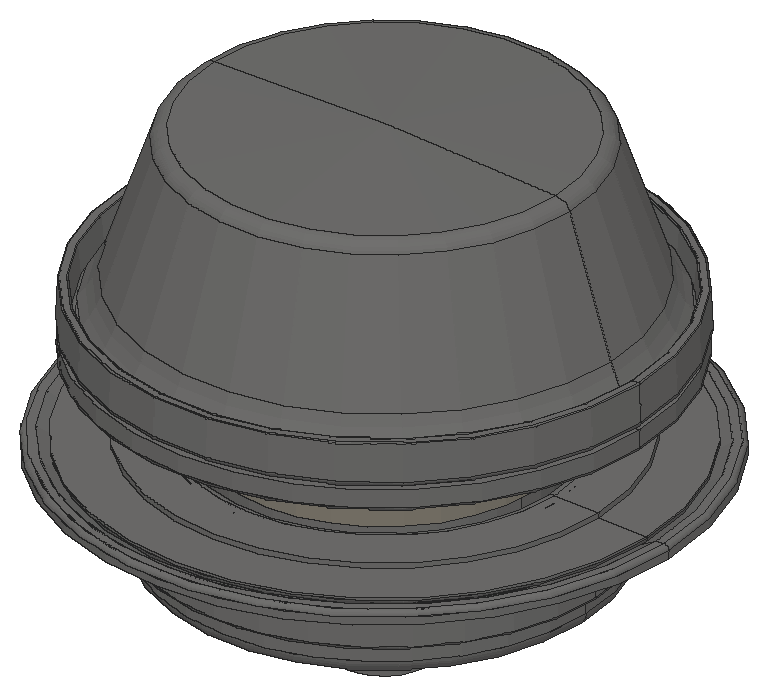
Revit family "Roof_Drain-Josam-21500-AE", category Plumbing Fixtures, Revit 2012 (continued)
Definition of nested family "21500-AE"
  Definition of nested family "Strainer"
    Lines and regions (in)
      model lines, detail levels medium+fine
        curve 187: line (3.70356, -3.42829, 9.69396) -> (4.45269, -4.11227, 6.72312)
        curve 188: arc (4.45269, -4.11227, 6.72312) -> (4.57365, -4.22664, 6.35879) -> (4.74153, -4.39152, 6.03464) r 2.01089
        curve 189: spline (4.73819, -4.38852, 6.04915) -> (4.70724, -4.35781, 6.09974) -> (4.67745, -4.32836, 6.15175) -> (4.64885, -4.30021, 6.20512) -> (4.62147, -4.27337, 6.2598) -> (4.59534, -4.24789, 6.31572) -> (4.57049, -4.22379, 6.37282) -> (4.54694, -4.2011, 6.43104) -> (4.52473, -4.17984, 6.49031) -> (4.50387, -4.16004, 6.55057) -> (4.4844, -4.14171, 6.61175) -> (4.46633, -4.12488, 6.67379) -> (4.44967, -4.10957, 6.73661)
        curve 190: arc (4.74153, -4.39152, 6.03464) -> (4.52243, -4.6052, 6.03663) -> (4.29573, -4.81079, 6.0348) r 7.98078
        curve 191: arc (4.29573, -4.81079, 6.0348) -> (4.14184, -4.63291, 6.35888) -> (4.0354, -4.50498, 6.7231) r 2.01105
        curve 192: arc (3.40025, -3.71381, 9.69414) -> (3.55454, -3.57385, 9.69537) -> (3.70356, -3.42829, 9.69396) r 5.33322
        curve 193: line (5.02896, -3.35989, 6.7231) -> (4.21701, -2.75152, 9.69414)
        curve 194: spline (5.35277, -3.5881, 6.04912) -> (5.35457, -3.58928, 6.04851) -> (5.35611, -3.5903, 6.04779) -> (5.35738, -3.59114, 6.04697) -> (5.3584, -3.59183, 6.04604) -> (5.35916, -3.59235, 6.04501) -> (5.35965, -3.5927, 6.04387) -> (5.35989, -3.59289, 6.04262) -> (5.35987, -3.59291, 6.04127) -> (5.35958, -3.59277, 6.03981) -> (5.35904, -3.59246, 6.03825) -> (5.35823, -3.59199, 6.03657) -> (5.35717, -3.59135, 6.0348)
        curve 195: line (4.43978, -2.39954, 9.69396) -> (5.33548, -2.87574, 6.72312)
        curve 196: arc (5.33548, -2.87574, 6.72312) -> (5.48109, -2.95643, 6.35879) -> (5.68469, -3.07438, 6.03464) r 2.01089
        curve 197: spline (5.68071, -3.0723, 6.04915) -> (5.6431, -3.05026, 6.09974) -> (5.60692, -3.02914, 6.15175) -> (5.57222, -3.00899, 6.20512) -> (5.53902, -2.98981, 6.2598) -> (5.50737, -2.97162, 6.31572) -> (5.47731, -2.95446, 6.37282) -> (5.44886, -2.93834, 6.43104) -> (5.42206, -2.92327, 6.49031) -> (5.39693, -2.90927, 6.55057) -> (5.37351, -2.89637, 6.61175) -> (5.35182, -2.88456, 6.67379) -> (5.33189, -2.87387, 6.73661)
        curve 198: arc (5.68469, -3.07438, 6.03464) -> (5.52562, -3.33584, 6.03663) -> (5.35717, -3.59135, 6.0348) r 7.98078
        curve 199: arc (5.35717, -3.59135, 6.0348) -> (5.16388, -3.45732, 6.35888) -> (5.02896, -3.35989, 6.7231) r 2.01105
        curve 200: arc (4.21701, -2.75152, 9.69414) -> (4.33165, -2.57759, 9.69537) -> (4.43978, -2.39954, 9.69396) r 5.33322
        curve 201: arc (-0.30341, 3.46699, 10.18451) -> (-0.39098, 3.89033, 10.16992) -> (-0.47854, 4.31361, 10.15362) r 109.07108
        curve 202: arc (-0.47854, 4.31361, 10.15362) -> (0.0212, 4.33005, 10.15412) -> (0.52092, 4.34649, 10.15233) r 109.18635
        curve 203: arc (0.52092, 4.34649, 10.15233) -> (0.48299, 3.90669, 10.16915) -> (0.44505, 3.46682, 10.18419) r 109.06963
        curve 204: arc (0.44505, 3.46682, 10.18419) -> (0.07084, 3.46682, 10.18499) -> (-0.30337, 3.46682, 10.18452) r 109.26774
        curve 205: arc (1.13867, 3.29928, 10.18451) -> (1.23086, 3.72164, 10.16992) -> (1.32304, 4.14393, 10.15362) r 109.07108
        curve 206: arc (1.32304, 4.14393, 10.15362) -> (1.78625, 3.95569, 10.15412) -> (2.24946, 3.76746, 10.15233) r 109.18635
        curve 207: arc (2.24946, 3.76746, 10.15233) -> (2.03593, 3.38111, 10.16915) -> (1.82236, 2.9947, 10.18419) r 109.06963
        curve 208: arc (1.82236, 2.9947, 10.18419) -> (1.4805, 3.1469, 10.18499) -> (1.13864, 3.29911, 10.18452) r 109.26774
        curve 209: arc (-1.68903, 3.03366, 10.18451) -> (-1.94122, 3.38478, 10.16992) -> (-2.19337, 3.73585, 10.15362) r 109.07108
        curve 210: arc (-2.19337, 3.73585, 10.15362) -> (-1.74353, 3.95413, 10.15412) -> (-1.29369, 4.17241, 10.15233) r 109.18635
        curve 211: arc (-1.29369, 4.17241, 10.15233) -> (-1.14946, 3.7552, 10.16915) -> (-1.00521, 3.33793, 10.18419) r 109.06963
        curve 212: arc (-1.00521, 3.33793, 10.18419) -> (-1.34707, 3.18573, 10.18499) -> (-1.68893, 3.03352, 10.18452) r 109.26774
        curve 213: arc (-2.77861, 2.07421, 10.18451) -> (-3.1518, 2.2924, 10.16992) -> (-3.52495, 2.51056, 10.15362) r 109.07108
        curve 214: arc (-3.52495, 2.51056, 10.15362) -> (-3.20278, 2.89293, 10.15412) -> (-2.88062, 3.2753, 10.15233) r 109.18635
        curve 215: arc (-2.88062, 3.2753, 10.15233) -> (-2.57916, 2.95283, 10.16915) -> (-2.27766, 2.63031, 10.18419) r 109.06963
        curve 216: arc (-2.27766, 2.63031, 10.18419) -> (-2.52806, 2.35221, 10.18499) -> (-2.77846, 2.07412, 10.18452) r 109.26774
        curve 217: arc (-3.38374, 0.75453, 10.18451) -> (-3.81342, 0.80207, 10.16992) -> (-4.24304, 0.84959, 10.15362) r 109.07108
        curve 218: arc (-4.24304, 0.84959, 10.15362) -> (-4.10425, 1.32995, 10.15412) -> (-3.96546, 1.8103, 10.15233) r 109.18635
        curve 219: arc (-3.96546, 1.8103, 10.15233) -> (-3.5589, 1.63832, 10.16915) -> (-3.15229, 1.46631, 10.18419) r 109.06963
        curve 220: arc (-3.15229, 1.46631, 10.18419) -> (-3.26793, 1.11041, 10.18499) -> (-3.38357, 0.75451, 10.18452) r 109.26774
        curve 221: arc (-3.39979, -0.69718, 10.18451) -> (-3.81166, -0.82852, 10.16992) -> (-4.22347, -0.95984, 10.15362) r 109.07108
        curve 222: arc (-4.22347, -0.95984, 10.15362) -> (-4.29205, -0.46457, 10.15412) -> (-4.36064, 0.0307, 10.15233) r 109.18635
        curve 223: arc (-4.36064, 0.0307, 10.15233) -> (-3.91928, 0.03895, 10.16915) -> (-3.47786, 0.0472, 10.18419) r 109.06963
        curve 224: arc (-3.47786, 0.0472, 10.18419) -> (-3.43875, -0.32496, 10.18499) -> (-3.39963, -0.69713, 10.18452) r 109.26774
        curve 225: arc (-2.824, -2.02992, 10.18451) -> (-3.14683, -2.31742, 10.16992) -> (-3.46963, -2.60489, 10.15362) r 109.07108
        curve 226: arc (-3.46963, -2.60489, 10.15362) -> (-3.73373, -2.18033, 10.15412) -> (-3.99783, -1.75577, 10.15233) r 109.18635
        curve 227: arc (-3.99783, -1.75577, 10.15233) -> (-3.59799, -1.56872, 10.16915) -> (-3.19808, -1.38164, 10.18419) r 109.06963
        curve 228: arc (-3.19808, -1.38164, 10.18419) -> (-3.01098, -1.70572, 10.18499) -> (-2.82387, -2.0298, 10.18452) r 109.26774
        curve 229: arc (-1.75591, -3.01323, 10.18451) -> (-1.9339, -3.40719, 10.16992) -> (-2.11186, -3.8011, 10.15362) r 109.07108
        curve 230: arc (-2.11186, -3.8011, 10.15362) -> (-2.52581, -3.52066, 10.15412) -> (-2.93976, -3.24023, 10.15233) r 109.18635
        curve 231: arc (-2.93976, -3.24023, 10.15233) -> (-2.65057, -2.90672, 10.16915) -> (-2.36133, -2.57316, 10.18419) r 109.06963
        curve 232: arc (-2.36133, -2.57316, 10.18419) -> (-2.05858, -2.79312, 10.18499) -> (-1.75584, -3.01308, 10.18452) r 109.26774
        curve 233: arc (-0.38021, -3.47711, 10.18451) -> (-0.38257, -3.9094, 10.16992) -> (-0.38493, -4.34163, 10.15362) r 109.07108
        curve 234: arc (-0.38493, -4.34163, 10.15362) -> (-0.87716, -4.25382, 10.15412) -> (-1.36939, -4.166, 10.15233) r 109.18635
        curve 235: arc (-1.36939, -4.166, 10.15233) -> (-1.24084, -3.74369, 10.16915) -> (-1.11228, -3.32133, 10.18419) r 109.06963
        curve 236: arc (-1.11228, -3.32133, 10.18419) -> (-0.74625, -3.39913, 10.18499) -> (-0.38021, -3.47693, 10.18452) r 109.26774
        curve 237: arc (1.06523, -3.34133, 10.18451) -> (1.2389, -3.73721, 10.16992) -> (1.41255, -4.13303, 10.15362) r 109.07108
        curve 238: arc (1.41255, -4.13303, 10.15362) -> (0.92716, -4.25302, 10.15412) -> (0.44177, -4.373, 10.15233) r 109.18635
        curve 239: arc (0.44177, -4.373, 10.15233) -> (0.38743, -3.93492, 10.16915) -> (0.33308, -3.49678, 10.18419) r 109.06963
        curve 240: arc (0.33308, -3.49678, 10.18419) -> (0.69912, -3.41898, 10.18499) -> (1.06516, -3.34117, 10.18452) r 109.26774
        curve 241: arc (2.33047, -2.62938, 10.18451) -> (2.65015, -2.92039, 10.16992) -> (2.96978, -3.21137, 10.15362) r 109.07108
        curve 242: arc (2.96978, -3.21137, 10.15362) -> (2.57516, -3.5184, 10.15412) -> (2.18053, -3.82544, 10.15233) r 109.18635
        curve 243: arc (2.18053, -3.82544, 10.15233) -> (1.95271, -3.44734, 10.16915) -> (1.72486, -3.06918, 10.18419) r 109.06963
        curve 244: arc (1.72486, -3.06918, 10.18419) -> (2.0276, -2.84922, 10.18499) -> (2.33035, -2.62926, 10.18452) r 109.26774
        curve 245: arc (3.19676, -1.46436, 10.18451) -> (3.60717, -1.60019, 10.16992) -> (4.01751, -1.736, 10.15362) r 109.07108
        curve 246: arc (4.01751, -1.736, 10.15362) -> (3.78189, -2.177, 10.15412) -> (3.54626, -2.618, 10.15233) r 109.18635
        curve 247: arc (3.54626, -2.618, 10.15233) -> (3.18435, -2.36525, 10.16915) -> (2.82238, -2.11246, 10.18419) r 109.06963
        curve 248: arc (2.82238, -2.11246, 10.18419) -> (3.00949, -1.78838, 10.18499) -> (3.1966, -1.4643, 10.18452) r 109.26774
        curve 249: arc (3.51429, -0.04771, 10.18451) -> (3.94446, -0.00487, 10.16992) -> (4.37458, 0.03797, 10.15362) r 109.07108
        curve 250: arc (4.37458, 0.03797, 10.15362) -> (4.33869, -0.46075, 10.15412) -> (4.30281, -0.95945, 10.15233) r 109.18635
        curve 251: arc (4.30281, -0.95945, 10.15233) -> (3.86938, -0.87576, 10.16915) -> (3.43589, -0.79205, 10.18419) r 109.06963
        curve 252: arc (3.43589, -0.79205, 10.18419) -> (3.475, -0.41989, 10.18499) -> (3.51412, -0.04772, 10.18452) r 109.26774
        curve 253: arc (3.22817, 1.37562, 10.18451) -> (3.60373, 1.58972, 10.16992) -> (3.97923, 1.8038, 10.15362) r 109.07108
        curve 254: arc (3.97923, 1.8038, 10.15362) -> (4.14929, 1.3336, 10.15412) -> (4.31936, 0.86342, 10.15233) r 109.18635
        curve 255: arc (4.31936, 0.86342, 10.15233) -> (3.88936, 0.76358, 10.16915) -> (3.4593, 0.66374, 10.18419) r 109.06963
        curve 256: arc (3.4593, 0.66374, 10.18419) -> (3.34366, 1.01964, 10.18499) -> (3.22802, 1.37554, 10.18452) r 109.26774
        curve 257: arc (2.38786, 2.55952, 10.18451) -> (2.64387, 2.90786, 10.16992) -> (2.89984, 3.25616, 10.15362) r 109.07108
        curve 258: arc (2.89984, 3.25616, 10.15362) -> (3.24644, 2.89579, 10.15412) -> (3.59305, 2.53542, 10.15233) r 109.18635
        curve 259: arc (3.59305, 2.53542, 10.15233) -> (3.24083, 2.26932, 10.16915) -> (2.88856, 2.00319, 10.18419) r 109.06963
        curve 260: arc (2.88856, 2.00319, 10.18419) -> (2.63816, 2.28128, 10.18499) -> (2.38776, 2.55938, 10.18452) r 109.26774
        curve 261: spline (-0.30337, 3.04067, 10.19985) -> (-0.29936, 2.98329, 10.20149) -> (-0.29534, 2.9259, 10.2031) -> (-0.29133, 2.86852, 10.20468) -> (-0.28732, 2.81113, 10.20623) -> (-0.28331, 2.75374, 10.20775) -> (-0.27929, 2.69636, 10.20923) -> (-0.27528, 2.63897, 10.21069) -> (-0.27127, 2.58158, 10.21211) -> (-0.26725, 2.52419, 10.21351) -> (-0.26324, 2.4668, 10.21487) -> (-0.25923, 2.40941, 10.2162) -> (-0.25521, 2.35201, 10.2175)
        curve 262: arc (-0.30337, 3.04073, 10.20114) -> (0.02277, 3.04073, 10.20163) -> (0.34891, 3.04073, 10.20115) r 109.31633
        curve 263: arc (0.34891, 3.04073, 10.20115) -> (0.31921, 2.6964, 10.21029) -> (0.28951, 2.35204, 10.21834) r 109.06985
        curve 264: arc (0.28951, 2.35204, 10.21834) -> (0.01715, 2.35204, 10.21867) -> (-0.25522, 2.35204, 10.21831) r 109.41764
        curve 265: spline (0.96531, 2.9098, 10.19985) -> (0.94563, 2.85575, 10.20149) -> (0.92596, 2.80169, 10.2031) -> (0.90628, 2.74763, 10.20468) -> (0.88661, 2.69358, 10.20623) -> (0.86693, 2.63952, 10.20775) -> (0.84726, 2.58546, 10.20923) -> (0.82758, 2.5314, 10.21069) -> (0.80791, 2.47734, 10.21211) -> (0.78823, 2.42328, 10.21351) -> (0.76855, 2.36922, 10.21487) -> (0.74888, 2.31516, 10.2162) -> (0.7292, 2.26109, 10.2175)
        curve 266: arc (0.96533, 2.90985, 10.20114) -> (1.26327, 2.7772, 10.20163) -> (1.56122, 2.64455, 10.20115) r 109.31633
        curve 267: arc (1.56122, 2.64455, 10.20115) -> (1.39404, 2.34206, 10.21029) -> (1.22684, 2.03956, 10.21834) r 109.06985
        curve 268: arc (1.22684, 2.03956, 10.21834) -> (0.97802, 2.15034, 10.21867) -> (0.72921, 2.26112, 10.21831) r 109.41764
        curve 269: spline (-1.51559, 2.64421, 10.19985) -> (-1.48859, 2.59342, 10.20149) -> (-1.46158, 2.54263, 10.2031) -> (-1.43458, 2.49184, 10.20468) -> (-1.40757, 2.44104, 10.20623) -> (-1.38056, 2.39025, 10.20775) -> (-1.35355, 2.33946, 10.20923) -> (-1.32655, 2.28866, 10.21069) -> (-1.29954, 2.23787, 10.21211) -> (-1.27253, 2.18707, 10.21351) -> (-1.24552, 2.13627, 10.21487) -> (-1.21851, 2.08548, 10.2162) -> (-1.1915, 2.03468, 10.2175)
        curve 270: arc (-1.51562, 2.64426, 10.20114) -> (-1.21768, 2.77691, 10.20163) -> (-0.91973, 2.90957, 10.20115) r 109.31633
        curve 271: arc (-0.91973, 2.90957, 10.20115) -> (-0.80681, 2.58293, 10.21029) -> (-0.69388, 2.25626, 10.21834) r 109.06985
        curve 272: arc (-0.69388, 2.25626, 10.21834) -> (-0.9427, 2.14548, 10.21867) -> (-1.19151, 2.0347, 10.21831) r 109.41764
        curve 273: spline (-2.46176, 1.78897, 10.19985) -> (-2.41643, 1.75356, 10.20149) -> (-2.3711, 1.71814, 10.2031) -> (-2.32577, 1.68272, 10.20468) -> (-2.28044, 1.64731, 10.20623) -> (-2.23511, 1.61189, 10.20775) -> (-2.18978, 1.57647, 10.20923) -> (-2.14444, 1.54105, 10.21069) -> (-2.09911, 1.50563, 10.21211) -> (-2.05377, 1.47022, 10.21351) -> (-2.00844, 1.4348, 10.21487) -> (-1.9631, 1.39938, 10.2162) -> (-1.91777, 1.36396, 10.2175)
        curve 274: arc (-2.46181, 1.789, 10.20114) -> (-2.24357, 2.03137, 10.20163) -> (-2.02534, 2.27374, 10.20115) r 109.31633
        curve 275: arc (-2.02534, 2.27374, 10.20115) -> (-1.78933, 2.02127, 10.21029) -> (-1.5533, 1.76879, 10.21834) r 109.06985
        curve 276: arc (-1.5533, 1.76879, 10.21834) -> (-1.73554, 1.56638, 10.21867) -> (-1.91779, 1.36397, 10.21831) r 109.41764
        curve 277: spline (-2.97827, 0.62283, 10.19985) -> (-2.92246, 0.60891, 10.20149) -> (-2.86664, 0.595, 10.2031) -> (-2.81082, 0.58108, 10.20468) -> (-2.75501, 0.56716, 10.20623) -> (-2.69919, 0.55325, 10.20775) -> (-2.64337, 0.53933, 10.20923) -> (-2.58755, 0.52541, 10.21069) -> (-2.53173, 0.51149, 10.21211) -> (-2.47591, 0.49757, 10.21351) -> (-2.42008, 0.48366, 10.21487) -> (-2.36426, 0.46974, 10.2162) -> (-2.30844, 0.45582, 10.2175)
        curve 278: arc (-2.97832, 0.62284, 10.20114) -> (-2.87754, 0.93302, 10.20163) -> (-2.77676, 1.2432, 10.20115) r 109.31633
        curve 279: arc (-2.77676, 1.2432, 10.20115) -> (-2.45846, 1.10855, 10.21029) -> (-2.14014, 0.97389, 10.21834) r 109.06985
        curve 280: arc (-2.14014, 0.97389, 10.21834) -> (-2.2243, 0.71486, 10.21867) -> (-2.30847, 0.45583, 10.21831) r 109.41764
        curve 281: spline (-2.97581, -0.65258, 10.19985) -> (-2.91916, -0.64259, 10.20149) -> (-2.86251, -0.6326, 10.2031) -> (-2.80586, -0.62261, 10.20468) -> (-2.74921, -0.61262, 10.20623) -> (-2.69255, -0.60263, 10.20775) -> (-2.6359, -0.59264, 10.20923) -> (-2.57925, -0.58265, 10.21069) -> (-2.52259, -0.57266, 10.21211) -> (-2.46593, -0.56267, 10.21351) -> (-2.40928, -0.55268, 10.21487) -> (-2.35262, -0.54269, 10.2162) -> (-2.29596, -0.5327, 10.2175)
        curve 282: arc (-2.97587, -0.65259, 10.20114) -> (-3.00996, -0.32823, 10.20163) -> (-3.04405, -0.00388, 10.20115) r 109.31633
        curve 283: arc (-3.04405, -0.00388, 10.20115) -> (-2.6985, 0.00258, 10.21029) -> (-2.35293, 0.00904, 10.21834) r 109.06985
        curve 284: arc (-2.35293, 0.00904, 10.21834) -> (-2.32446, -0.26184, 10.21867) -> (-2.29599, -0.53271, 10.21831) r 109.41764
        curve 285: spline (-2.45481, -1.81672, 10.19985) -> (-2.40712, -1.78455, 10.20149) -> (-2.35943, -1.75239, 10.2031) -> (-2.31174, -1.72022, 10.20468) -> (-2.26405, -1.68805, 10.20623) -> (-2.21636, -1.65588, 10.20775) -> (-2.16867, -1.62371, 10.20923) -> (-2.12097, -1.59154, 10.21069) -> (-2.07328, -1.55937, 10.21211) -> (-2.02558, -1.5272, 10.21351) -> (-1.97789, -1.49503, 10.21487) -> (-1.93019, -1.46286, 10.2162) -> (-1.8825, -1.43069, 10.2175)
        curve 286: arc (-2.45486, -1.81675, 10.20114) -> (-2.61793, -1.53431, 10.20163) -> (-2.781, -1.25186, 10.20115) r 109.31633
        curve 287: arc (-2.781, -1.25186, 10.20115) -> (-2.46795, -1.10541, 10.21029) -> (-2.15488, -0.95896, 10.21834) r 109.06985
        curve 288: arc (-2.15488, -0.95896, 10.21834) -> (-2.0187, -1.19483, 10.21867) -> (-1.88252, -1.43071, 10.21831) r 109.41764
        curve 289: spline (-1.50536, -2.66831, 10.19985) -> (-1.47487, -2.61953, 10.20149) -> (-1.44439, -2.57074, 10.2031) -> (-1.41391, -2.52196, 10.20468) -> (-1.38342, -2.47317, 10.20623) -> (-1.35294, -2.42439, 10.20775) -> (-1.32245, -2.3756, 10.20923) -> (-1.29197, -2.32681, 10.21069) -> (-1.26148, -2.27803, 10.21211) -> (-1.23099, -2.22924, 10.21351) -> (-1.20051, -2.18045, 10.21487) -> (-1.17002, -2.13166, 10.2162) -> (-1.13953, -2.08287, 10.2175)
        curve 290: arc (-1.50539, -2.66836, 10.20114) -> (-1.76924, -2.47666, 10.20163) -> (-2.03309, -2.28495, 10.20115) r 109.31633
        curve 291: arc (-2.03309, -2.28495, 10.20115) -> (-1.80668, -2.02384, 10.21029) -> (-1.58024, -1.76271, 10.21834) r 109.06985
        curve 292: arc (-1.58024, -1.76271, 10.21834) -> (-1.35989, -1.9228, 10.21867) -> (-1.13955, -2.08289, 10.21831) r 109.41764
        curve 293: spline (-0.29161, -3.06009, 10.19985) -> (-0.28361, -3.00313, 10.20149) -> (-0.2756, -2.94616, 10.2031) -> (-0.26759, -2.8892, 10.20468) -> (-0.25959, -2.83223, 10.20623) -> (-0.25158, -2.77527, 10.20775) -> (-0.24358, -2.7183, 10.20923) -> (-0.23557, -2.66133, 10.21069) -> (-0.22756, -2.60436, 10.21211) -> (-0.21956, -2.54739, 10.21351) -> (-0.21155, -2.49042, 10.21487) -> (-0.20354, -2.43345, 10.2162) -> (-0.19554, -2.37647, 10.2175)
        curve 294: arc (-0.29162, -3.06015, 10.20114) -> (-0.61063, -2.99234, 10.20163) -> (-0.92965, -2.92453, 10.20115) r 109.31633
        curve 295: arc (-0.92965, -2.92453, 10.20115) -> (-0.82901, -2.5939, 10.21029) -> (-0.72836, -2.26325, 10.21834) r 109.06985
        curve 296: arc (-0.72836, -2.26325, 10.21834) -> (-0.46195, -2.31987, 10.21867) -> (-0.19554, -2.3765, 10.21831) r 109.41764
        curve 297: spline (0.97655, -2.92433, 10.19985) -> (0.9607, -2.86904, 10.20149) -> (0.94484, -2.81374, 10.2031) -> (0.92898, -2.75844, 10.20468) -> (0.91313, -2.70315, 10.20623) -> (0.89727, -2.64785, 10.20775) -> (0.88141, -2.59255, 10.20923) -> (0.86556, -2.53725, 10.21069) -> (0.8497, -2.48195, 10.21211) -> (0.83384, -2.42665, 10.21351) -> (0.81798, -2.37134, 10.21487) -> (0.80213, -2.31604, 10.2162) -> (0.78627, -2.26074, 10.2175)
        curve 298: arc (0.97657, -2.92439, 10.20114) -> (0.65755, -2.99219, 10.20163) -> (0.33854, -3.06, 10.20115) r 109.31633
        curve 299: arc (0.33854, -3.06, 10.20115) -> (0.296, -2.71702, 10.21029) -> (0.25345, -2.37402, 10.21834) r 109.06985
        curve 300: arc (0.25345, -2.37402, 10.21834) -> (0.51986, -2.31739, 10.21867) -> (0.78628, -2.26076, 10.21831) r 109.41764
        curve 301: spline (2.07986, -2.2845, 10.19985) -> (2.04288, -2.24043, 10.20149) -> (2.00591, -2.19637, 10.2031) -> (1.96893, -2.1523, 10.20468) -> (1.93195, -2.10823, 10.20623) -> (1.89497, -2.06416, 10.20775) -> (1.858, -2.0201, 10.20923) -> (1.82102, -1.97603, 10.21069) -> (1.78404, -1.93196, 10.21211) -> (1.74706, -1.88789, 10.21351) -> (1.71008, -1.84381, 10.21487) -> (1.6731, -1.79974, 10.2162) -> (1.63612, -1.75567, 10.2175)
        curve 302: arc (2.07989, -2.28454, 10.20114) -> (1.81604, -2.47624, 10.20163) -> (1.55219, -2.66794, 10.20115) r 109.31633
        curve 303: arc (1.55219, -2.66794, 10.20115) -> (1.37382, -2.37192, 10.21029) -> (1.19544, -2.07588, 10.21834) r 109.06985
        curve 304: arc (1.19544, -2.07588, 10.21834) -> (1.41579, -1.91578, 10.21867) -> (1.63614, -1.75569, 10.21831) r 109.41764
        curve 305: spline (2.82753, -1.25123, 10.19985) -> (2.77583, -1.22601, 10.20149) -> (2.72413, -1.2008, 10.2031) -> (2.67243, -1.17558, 10.20468) -> (2.62072, -1.15036, 10.20623) -> (2.56902, -1.12514, 10.20775) -> (2.51731, -1.09992, 10.20923) -> (2.4656, -1.0747, 10.21069) -> (2.4139, -1.04948, 10.21211) -> (2.36219, -1.02427, 10.21351) -> (2.31048, -0.99905, 10.21487) -> (2.25877, -0.97383, 10.2162) -> (2.20706, -0.9486, 10.2175)
        curve 306: arc (2.82758, -1.25125, 10.20114) -> (2.66451, -1.5337, 10.20163) -> (2.50144, -1.81615, 10.20115) r 109.31633
        curve 307: arc (2.50144, -1.81615, 10.20115) -> (2.2181, -1.61826, 10.21029) -> (1.93472, -1.42037, 10.21834) r 109.06985
        curve 308: arc (1.93472, -1.42037, 10.21834) -> (2.07091, -1.18449, 10.21867) -> (2.20709, -0.94862, 10.21831) r 109.41764
        curve 309: spline (3.0903, -0.00318, 10.19985) -> (3.03281, -0.00117, 10.20149) -> (2.97532, 0.00083, 10.2031) -> (2.91783, 0.00284, 10.20468) -> (2.86034, 0.00485, 10.20623) -> (2.80285, 0.00686, 10.20775) -> (2.74536, 0.00886, 10.20923) -> (2.68786, 0.01087, 10.21069) -> (2.63037, 0.01288, 10.21211) -> (2.57287, 0.01489, 10.21351) -> (2.51538, 0.01689, 10.21487) -> (2.45788, 0.0189, 10.2162) -> (2.40038, 0.02091, 10.2175)
        curve 310: arc (3.09036, -0.00318, 10.20114) -> (3.05627, -0.32754, 10.20163) -> (3.02218, -0.65189, 10.20115) r 109.31633
        curve 311: arc (3.02218, -0.65189, 10.20115) -> (2.68284, -0.58637, 10.21029) -> (2.34347, -0.52083, 10.21834) r 109.06985
        curve 312: arc (2.34347, -0.52083, 10.21834) -> (2.37194, -0.24996, 10.21867) -> (2.40041, 0.02091, 10.21831) r 109.41764
        curve 313: spline (2.82273, 1.24384, 10.19985) -> (2.76939, 1.22229, 10.20149) -> (2.71605, 1.20075, 10.2031) -> (2.66272, 1.1792, 10.20468) -> (2.60938, 1.15765, 10.20623) -> (2.55604, 1.1361, 10.20775) -> (2.5027, 1.11455, 10.20923) -> (2.44936, 1.093, 10.21069) -> (2.39602, 1.07144, 10.21211) -> (2.34268, 1.04989, 10.21351) -> (2.28934, 1.02834, 10.21487) -> (2.236, 1.00679, 10.2162) -> (2.18265, 0.98524, 10.2175)
        curve 314: arc (2.82278, 1.24386, 10.20114) -> (2.92356, 0.93369, 10.20163) -> (3.02434, 0.62351, 10.20115) r 109.31633
        curve 315: arc (3.02434, 0.62351, 10.20115) -> (2.68769, 0.54535, 10.21029) -> (2.35101, 0.46718, 10.21834) r 109.06985
        curve 316: arc (2.35101, 0.46718, 10.21834) -> (2.26685, 0.72622, 10.21867) -> (2.18268, 0.98525, 10.21831) r 109.41764
        curve 317: spline (2.07107, 2.27422, 10.19985) -> (2.03111, 2.23285, 10.20149) -> (1.99115, 2.19147, 10.2031) -> (1.95119, 2.15009, 10.20468) -> (1.91123, 2.1087, 10.20623) -> (1.87127, 2.06732, 10.20775) -> (1.83131, 2.02594, 10.20923) -> (1.79134, 1.98456, 10.21069) -> (1.75138, 1.94317, 10.21211) -> (1.71142, 1.90179, 10.21351) -> (1.67145, 1.86041, 10.21487) -> (1.63149, 1.81902, 10.2162) -> (1.59152, 1.77764, 10.2175)
        curve 318: arc (2.07111, 2.27426, 10.20114) -> (2.28934, 2.03189, 10.20163) -> (2.50757, 1.78953, 10.20115) r 109.31633
        curve 319: arc (2.50757, 1.78953, 10.20115) -> (2.23182, 1.58119, 10.21029) -> (1.95604, 1.37285, 10.21834) r 109.06985
        curve 320: arc (1.95604, 1.37285, 10.21834) -> (1.77379, 1.57525, 10.21867) -> (1.59154, 1.77766, 10.21831) r 109.41764
        curve 321: circle (0.02312, -0.00909, 10.22994) r 1.62816 normal (0, 0, 1)
    Dimensions and locks (in)
      Revolve 1 sketch curve to Revolve 1 sketch curve to Revolve 1 sketch curve to Revolve 1 sketch curve = 0.24697" locked, 1/4" locked, 1/2" locked
      Revolve 3 sketch curve to Revolve 3 sketch curve to Revolve 3 sketch curve to Revolve 3 sketch curve to Revolve 3 sketch curve to Revolve 3 sketch curve = 3/4" locked, 0.17581" locked, 0.07419" locked, 0.27901" locked, 0" locked
      aligned and locked: plane 5 to Revolve 1 sketch curve
Types (7): name | Pipe Size Radius | Pipe Size Diameter
  (no name) | 1" | 2"
  2In Diameter | 1" | 2"
  3In Diameter | 1 1/2" | 3"
  4In Diameter | 2" | 4"
  5In Diameter | 2 1/2" | 5"
  6In Diameter | 3" | 6"
  8In Diameter | 4" | 8"
